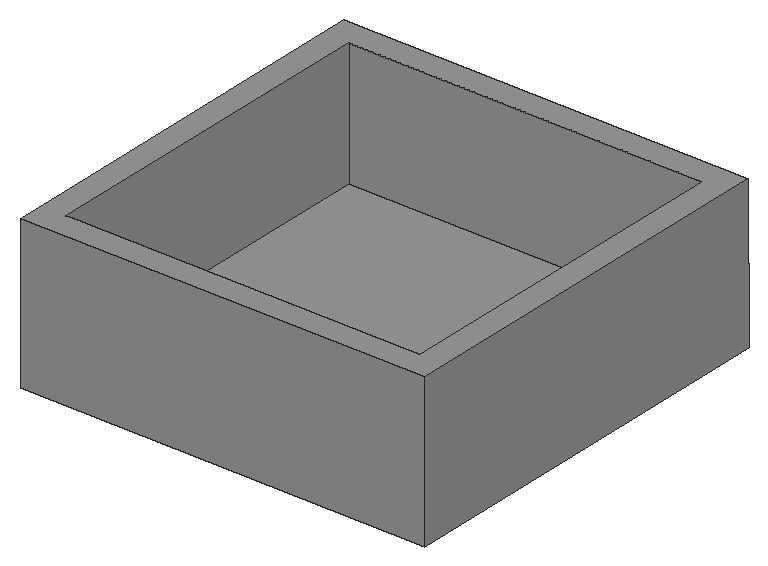
Revit family "Mop_Sink-Willoughby-CWMS-323212", category Plumbing Fixtures, Revit 2015
Parameters (values of type "323212")
  Width = 2' - 8"
  Waste DIA = 1 1/2"
  Waste Connection = yes
  Void Width/Depth = Width - 0' 4"  # 2' - 4"
  Void Height = Height - 0' 0 3/16"  # 0' - 11 13/16"
  Vent Connection = no
  URL = "https://www.willoughby-ind.com/wp-content/uploads/2018/01/CWMS.pdf"
  Revision = "A"
  Model = "CWMS-323212"
  Manufacturer = "Willoughby Industries"
  Height = 1' - 0"
  HW Connection = no
  Fixture Body = Stainless Steel AISI 304-Willoughby
  Drain Depth = Depth / 2  # 1' - 4"
  Description = "Commercial Mop Sink, 32\" X 32\" X 12\""
  Depth = 2' - 8"
  Default Elevation = 0' - 0"
  Contact = "800-428-4065"
  CW Connection = no
Reference planes (in)
  plane 1 "Center (Front/Back) Floor Level": y = 0
  plane 2: z = 0
  plane 3 "Center (Left/Right)": x = 0
  plane 4 "Left Side": x = -16
  plane 5 "Right Side": x = 16
  plane 6 "Top Of Sink": y = 34
  plane 7 "Bottom Of Sink": y = 22
  plane 8 "Front of sink": z = 24
  plane 9 "Drain": z = 12
Forms (in)
  Extrusion 1, solid, material "Stainless Steel AISI 304-Willoughby" <- "Fixture Body"
    sketch origin (0, 38.25, -14.25) x (0, -1, 0) y (1, 0, 0)
      loop
        line (0, 16) -> (0, -16) -> (32, -16) -> (32, 16) -> (0, 16)
    from 0 to 12 <- "Height"
  Extrusion 2, void
    sketch origin (0, 38.25, 19.75) x (-1, 0, 0) y (0, -1, 0)
      loop
        line (-14, 2) -> (14, 2) -> (14, 30) -> (-14, 30) -> (-14, 2)
    from -32 to 11.8125 <- "Void Height"
  Revolve 3, solid, material "Stainless Steel AISI 304-Willoughby" <- "Fixture Body", detail levels fine
    sketch origin (0, 34, -14.25) x (0, 0, 1) y (0, -1, 0)
      loop
        line (-0.22858, 12) -> (0, 12) -> (0, 15) -> (-0.21521, 15)
        arc (-0.21521, 15) -> (-0.56876, 14.85355) -> (-0.71521, 14.5) r 0.5
        line (-0.71521, 14.5) -> (-0.71521, 12.75) -> (-3.72858, 12.75) -> (-3.72858, 12) -> (-0.22858, 12)
      axis (0, 12) -> (-3.72858, 12)
    angle from 0 to 360
Cuts and joins
  Extrusion 2 cuts Extrusion 1
Lines and regions (in)
  symbolic lines
    curve 1: line (16, 22, 0) -> (-16, 22, 0)
    curve 2: line (-16, 22, 0) -> (-16, 34, 0)
    curve 3: line (-16, 34, 0) -> (16, 34, 0)
    curve 4: line (-16, 34, 24) -> (-16, 34, 0)
    curve 5: line (-16, 34, 0) -> (16, 34, 0)
    curve 6: line (16, 34, 0) -> (16, 34, 24)
    curve 7: line (16, 34, 24) -> (-16, 34, 24)
    curve 14: line (0, 34, 24) -> (0, 22, 24)
    curve 15: line (0, 22, 24) -> (0, 22, 0)
    curve 16: line (0, 22, 0) -> (0, 34, 0)
    curve 17: line (0, 34, 0) -> (0, 34, 24)
    curve 18: arc (0, 22, 15) -> (0, 21.65043, 14.8552) -> (0, 21.50563, 14.50563) r 0.49437
    curve 19: line (0, 21.50563, 14.50563) -> (0, 21.50563, 9.45539)
    curve 20: arc (0, 21.50563, 9.45539) -> (0, 21.66219, 9.1277) -> (0, 22, 8.99438) r 0.49627
    curve 21: line (0, 18.5, 11.25) -> (0, 21.50563, 11.25)
    curve 22: line (0, 18.5, 11.25) -> (0, 18.5, 12.75)
    curve 23: line (0, 18.5, 12.75) -> (0, 21.50563, 12.75)
    curve 24: line (16, 34, 0) -> (16, 22, 0)
  symbolic lines, detail levels medium+fine
    curve 8: line (-14, 34, 22) -> (-14, 34, 2)
    curve 9: line (-14, 34, 2) -> (14, 34, 2)
    curve 10: line (14, 34, 2) -> (14, 34, 22)
    curve 11: line (14, 34, 22) -> (-14, 34, 22)
  symbolic lines, detail levels fine
    curve 12: circle (0, 34, 12) r 0.75 normal (0, 1, 0)
    curve 13: circle (0, 34, 12) r 3 normal (0, 1, 0)
Dimensions and locks (in)
  equal spacing: plane 4 "Left Side", plane 3 "Center (Left/Right)", plane 5 "Right Side"
  "Width": plane 4 "Left Side" to plane 5 "Right Side"
  "Height": plane 6 "Top Of Sink" to plane 7 "Bottom Of Sink"  (x2)
  locked: cut or joined group of Extrusion 1, Extrusion 2 to cut or joined group of Extrusion 1, Extrusion 2 at 2  (x2)
  "Void Width/Depth": Extrusion 2 sketch curve to Extrusion 2 sketch curve  (x2)
  "Depth": cut or joined group of Extrusion 1, Extrusion 2 to cut or joined group of Extrusion 1, Extrusion 2
  aligned and locked: Extrusion 1 to plane 4 "Left Side"
  aligned and locked: Extrusion 1 to plane 5 "Right Side"
  aligned and locked: Revolve 3 sketch curve to Revolve 3 sketch curve  (x2)
Automatic sketch dimensions
  curve 1 to plane 4 "Left Side" = 0' - 0"
  curve 1 to plane 5 "Right Side" = 0' - 0"
  curve 2 to plane 6 "Top Of Sink" = 0' - 0"
  curve 18 to plane 7 "Bottom Of Sink" = 0' - 0"
  curve 17 to plane 6 "Top Of Sink" = 0' - 0"
  curve 17 to level = 0' - 0"
  curve 15 to plane 8 "Front of sink" = 0' - 0"
  curve 19 to plane 7 "Bottom Of Sink" = 0' - 0.49437"
  curve 21 to plane 9 "Drain" = 0' - 0 3/4"
  curve 21 to curve 21 = 0' - 3.00563"
  plane 7 "Bottom Of Sink" to curve 20 = 0' - 0.00064"
  curve 19 to curve 21 = 0' - 1.79461"
  curve 20 to curve 20 = 0' - 0.03526"
  plane 9 "Drain" to curve 23 = 0' - 0 3/4"
  curve 23 to curve 18 = 0' - 1.75563"
  Extrusion 1 sketch curve to plane 5 "Right Side" = 0' - 0"
  Extrusion 1 sketch curve to plane 4 "Left Side" = 0' - 0"
  plane 6 "Top Of Sink" to Extrusion 1 sketch curve = 0' - 4 1/4"
  Extrusion 1 sketch curve to plane 7 "Bottom Of Sink" = 1' - 3 3/4"
  Revolve 3 sketch curve to level = 1' - 5.97858"
  Revolve 3 sketch curve to Revolve 3 sketch curve = 0' - 3.01338"
  Revolve 3 sketch curve to Revolve 3 sketch curve = 0' - 0.48662"
  Revolve 3 sketch curve to Revolve 3 sketch curve = 0' - 0 1/2"
  Revolve 3 sketch curve to Revolve 3 sketch curve = 0' - 0.22858"
  Revolve 3 sketch curve to plane 7 "Bottom Of Sink" = 0' - 0"
  Revolve 3 sketch curve to Revolve 3 sketch curve = 0' - 0 3/4"
  Revolve 3 sketch curve to Revolve 3 sketch curve = 0' - 1 3/4"
  Revolve 3 sketch curve to Revolve 3 sketch curve = 0' - 0.02142"
  curve 12 to curve 13 = 0' - 0"  (x2)
  plane 5 "Right Side" to curve 6 = 0' - 0"
  curve 12 to plane 3 "Center (Left/Right)" = 0' - 0"
  curve 5 to level = 0' - 0"
  plane 4 "Left Side" to curve 5 = 0' - 0"
  curve 12 to plane 9 "Drain" = 0' - 0"
  curve 7 to plane 8 "Front of sink" = 0' - 0"
  plane 5 "Right Side" to curve 9 = 0' - 2"
  curve 11 to plane 4 "Left Side" = 0' - 2"
  level to curve 8 = 0' - 2"
  curve 11 to plane 8 "Front of sink" = 0' - 2"
  curve 2 to plane 7 "Bottom Of Sink" = 0' - 0"
  plane 5 "Right Side" to Extrusion 2 sketch curve = 0' - 2"
  plane 6 "Top Of Sink" to Extrusion 2 sketch curve = 0' - 2 1/4"
  radius of curve 12 = 0' - 0 3/4"
  radius of curve 13 = 0' - 3"
Connectors (in)
  piping at (0, 22, -17.97858), diameter 1.5, driven by "Waste DIA", driven by "Waste Connection"
    settings: on Revolve 3, index 1, connector inside diameter 24", connector length 0' - 0", flow factor 0, pipe flow 0 GPM, pressure drop 0.00 psi, fitting loss kfactor 0, connector angle 0.00°, fixture units 0, engagement length 0' - 0", angle of deflection 0.00°, flow configuration 0, flow direction 2, fitting loss method 0, system type 16, joint type 0, gender type 0, connector reference index -1, connector utility 1, adjustable connector no, is connector primary yes, connector description "Sink Waste"
